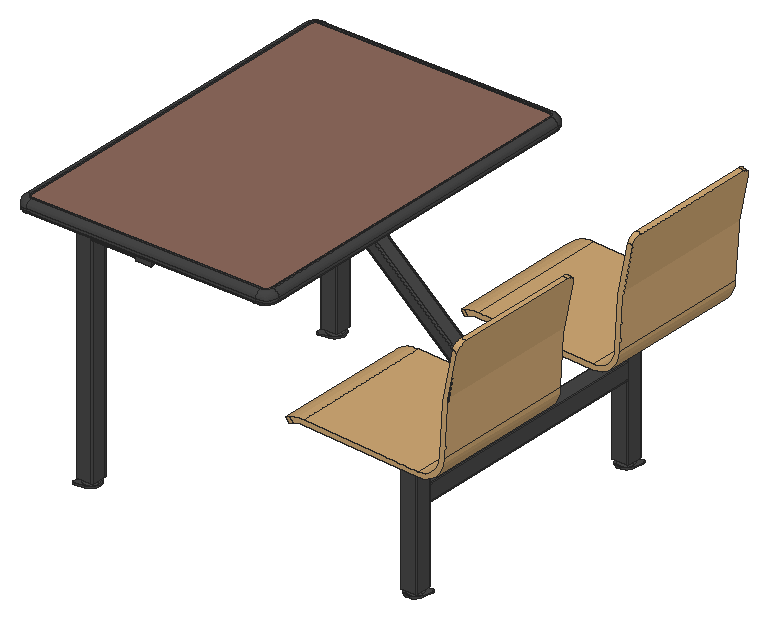
Revit family "Plymold-Essentials-Jupiter-2_Seat_ADA-Legacy", category Furniture, Revit 2021
Family settings
  OmniClass Number = 23.40.20.00
  OmniClass Title = General Furniture and Specialties
  Work Plane-Based = No
  Always vertical = Yes
  Cut with Voids When Loaded = No
  Shared = No
  Room Calculation Point = No
Parameters (values of type "JUWL002DELEADA")
  Width = 47 161/256"
  VE = no
  URL = "https://plymold.com/"
  Type Comments = "Legacy"  # constant formula
  Top Finish = PLY - Wood Mahogany
  TPD = no
  Sustainability = "https://plymold.com/plymolds-sustainability-efforts/"
  Support Finish = PLY - Onyx Black Powdercoat
  Seat Finish = PLY - Plywood
  Revit File Built By = "https://servex-us.com/servex-revit/"
  Product Documentation Link = "https://plymold.com/product/jupiter-2-seat-ada-unit/"
  PVC = no
  Model = "JUWL002DELEADA"
  Manufacturer = "Plymold"  # constant formula
  Keynote = "12500"  # constant formula
  Height = 29 3/4"
  Hardware Finish = PLY - Onyx Black Powdercoat
  Glide Finish = PLY - Plastic Black
  Frame Finish = PLY - Onyx Black Powdercoat
  Edge Finish = PLY - Plastic Black
  Description = "2 Seat ADA Unit - Jupiter® Cluster w/Bullnose Dur-A-Edge® Table Top Unit - 47.63”W x 44”D x 29.75\"H"
  Depth = 44"
  Default Elevation = 0"
  DE = yes
  Cap Finish = PLY - Plastic Black
  Base Finish = PLY - Onyx Black Powdercoat
  Assembly Code = "E2020200"
Reference planes (in)
  plane 1 "Center Front/Back": y = 0
  plane 2: z = 0
  plane 3 "Center Left/Right": x = 0
  plane 4: y = 22
  plane 5: y = -22
  plane 6: x = 47.62891
  plane 7: x = 23.81445
  plane 8: z = 29.75
Dimensions and locks (in)
  equal spacing: plane 3 "Center Left/Right", plane 7, plane 6
  "Width": plane 3 "Center Left/Right" to plane 6
  equal spacing: plane 5, plane 1 "Center Front/Back", plane 4
  "Depth": plane 5 to plane 4
  "Height": plane 8 to plane 2
  aligned and locked: plane 2 to level
  aligned and locked: plane 3 "Center Left/Right" to nested 1
  aligned and locked: plane 1 "Center Front/Back" to nested 1
  aligned and locked: nested 2 to plane 1 "Center Front/Back"
  aligned and locked: nested 2 to plane 3 "Center Left/Right"
  aligned and locked: nested 1 to nested 2
  aligned and locked: nested 3 to nested 1  (x3)
  aligned and locked: nested 1 to nested 4  (x2)
  aligned and locked: nested 4 to nested 1
Nested families (in)
  nested 1: "Base-ADA" at (0, 0, -0.134), Base Finish <- "Base Finish", Glides Finish <- "Glide Finish", Support Finish <- "Support Finish", type "Base-ADA"
    with Support Finish PLY - Onyx Black Powdercoat, Glides Finish PLY - Plastic Black, Base Finish PLY - Onyx Black Powdercoat
  nested 2: "PLM-Cafeteria_Top" at (15, 0, 29.75) x (-1, 0, 0) z (0, 0, 1), DE <- "DE", TPD <- "TPD", VE <- "VE", PVC <- "PVC", Edge Finish <- "Edge Finish", Top Finish <- "Top Finish", type "PLM-Cafeteria_Top"
    with W 30", VE-void 1/8", VE no, Top Finish PLY - Wood Mahogany, TPD-void 1/8", TPD no, PVC-void 1/8", PVC no, Edge Finish PLY - Plastic Black, DE-void 1 3/4", DE yes, D 44"
  nested 3: "Seat_Legacy" at (39.45645, -12.88403, 15.732) x (0, -1, 0) z (0, 0, 1), Hardware Finish <- "Hardware Finish", Seat Finish <- "Seat Finish", type "Seat_Legacy"
    with Seat Finish PLY - Plywood, Hardware Finish PLY - Onyx Black Powdercoat
  nested 4: "Seat_Legacy" at (39.45645, 12.88403, 15.732) x (0, 1, 0) z (0, 0, 1), Hardware Finish <- "Hardware Finish", Seat Finish <- "Seat Finish", type "Seat_Legacy"
    with Seat Finish PLY - Plywood, Hardware Finish PLY - Onyx Black Powdercoat
Definition of nested family "Base-ADA"
  Parameters (values of type "Base-ADA")
    h = 29 3/4"
    Top Thickness = 1 1/4"
    Support Finish [instance] = none
    Revit Model Built By = "https://servex-us.com/servex-revit/"
    Glides Finish [instance] = none
    Default Elevation = 0"
    Base Finish [instance] = none
  Reference planes (in)
    plane 1 "Center (Front/Back)": y = 0
    plane 2: z = 0.134
    plane 3 "Center (Left/Right)": x = 0
    plane 4: y = 22
    plane 5: y = -22
    plane 6: x = 43.07242
    plane 7: z = 29.884
    plane 8: z = 28.634
    plane 9: z = 28.384
    plane 10: z = 26.50776
    plane 11: z = 26.50776
    plane 12: x = 21.53621
    plane 13: y = -12.88403
    plane 14: x = 39.45645
    plane 15: y = 12.88403
    plane 16: x = 39.45645
  Forms (in)
    Extrusion 1, solid, material <- "Support Finish"
      sketch origin (0, 0, 0) x (1, 0, 0) y (0, 0, 1)
        loop
          line (11.289, 28.634) -> (11.289, 28.5) -> (15.28196, 28.5)
          arc (15.28196, 28.5) -> (15.34775, 28.47275) -> (15.375, 28.40696) r 0.09304
          line (15.375, 28.40696) -> (15.375, 26.134) -> (15.509, 26.134) -> (15.509, 28.40927)
          arc (15.509, 28.40927) -> (15.44318, 28.56818) -> (15.28427, 28.634) r 0.22473
          line (15.28427, 28.634) -> (11.289, 28.634)
        loop
          line (25.729, 28.634) -> (21.73373, 28.634)
          arc (21.73373, 28.634) -> (21.57482, 28.56818) -> (21.509, 28.40927) r 0.22473
          line (21.509, 28.40927) -> (21.509, 26.134) -> (21.643, 26.134) -> (21.643, 28.40696)
          arc (21.643, 28.40696) -> (21.67025, 28.47275) -> (21.73604, 28.5) r 0.09304
          line (21.73604, 28.5) -> (25.729, 28.5) -> (25.729, 28.634)
      from -8 to 8
    Extrusion 2, void
      sketch origin (0, 0, 0) x (0, 1, 0) y (0, 0, 1)
        loop
          line (8, 28.634) -> (5.3661, 26.26243)
          arc (5.3661, 26.26243) -> (5.21072, 26.16721) -> (5.03154, 26.134) r 0.5
          line (5.03154, 26.134) -> (8, 26.134) -> (8, 28.634)
        loop
          line (-8, 28.634) -> (-8, 26.134) -> (-5.03154, 26.134)
          arc (-5.03154, 26.134) -> (-5.21072, 26.16721) -> (-5.3661, 26.26243) r 0.5
          line (-5.3661, 26.26243) -> (-8, 28.634)
      from 10.31882 to 26.54147
    Extrusion 3, solid, material <- "Support Finish"
      sketch origin (0, 0, 0) x (0, 1, 0) y (0, 0, 1)
        loop
          line (3.56386, 27.768) -> (2.43621, 27.768)
          arc (2.43621, 27.768) -> (2.30454, 27.71346) -> (2.25, 27.58179) r 0.18621
          line (2.25, 27.58179) -> (2.25, 26.45492)
          arc (2.25, 26.45492) -> (2.30475, 26.32275) -> (2.43692, 26.268) r 0.18692
          line (2.43692, 26.268) -> (3.56124, 26.268)
          arc (3.56124, 26.268) -> (3.69471, 26.32329) -> (3.75, 26.45676) r 0.18876
          line (3.75, 26.45676) -> (3.75, 27.58186)
          arc (3.75, 27.58186) -> (3.69548, 27.71348) -> (3.56386, 27.768) r 0.18614
        loop
          arc (-3.56386, 27.768) -> (-3.69548, 27.71348) -> (-3.75, 27.58186) r 0.18614
          line (-3.75, 27.58186) -> (-3.75, 26.45676)
          arc (-3.75, 26.45676) -> (-3.69471, 26.32329) -> (-3.56124, 26.268) r 0.18876
          line (-3.56124, 26.268) -> (-2.43692, 26.268)
          arc (-2.43692, 26.268) -> (-2.30475, 26.32275) -> (-2.25, 26.45492) r 0.18692
          line (-2.25, 26.45492) -> (-2.25, 27.58179)
          arc (-2.25, 27.58179) -> (-2.30454, 27.71346) -> (-2.43621, 27.768) r 0.18621
          line (-2.43621, 27.768) -> (-3.56386, 27.768)
      from 15.509 to 21.509
    Extrusion 4, solid, material <- "Base Finish"
      sketch origin (0, 0, 0) x (1, 0, 0) y (0, 0, 1)
        loop
          arc (12.55474, 28.5) -> (12.42765, 28.44735) -> (12.375, 28.32026) r 0.17974
          line (12.375, 28.32026) -> (12.375, 26.6875)
          arc (12.375, 26.6875) -> (12.42765, 26.5604) -> (12.55474, 26.50776) r 0.17974
          line (12.55474, 26.50776) -> (14.1875, 26.50776)
          arc (14.1875, 26.50776) -> (14.3146, 26.5604) -> (14.36724, 26.6875) r 0.17974
          line (14.36724, 26.6875) -> (14.36724, 28.32026)
          arc (14.36724, 28.32026) -> (14.3146, 28.44735) -> (14.1875, 28.5) r 0.17974
          line (14.1875, 28.5) -> (12.55474, 28.5)
      from -19.57 to 19.57
    Extrusion 5, solid, material <- "Base Finish"
      sketch origin (0, 0, 0) x (1, 0, 0) y (0, 1, 0)
        loop
          arc (5.0625, 18.96875) -> (4.92992, 18.91383) -> (4.875, 18.78125) r 0.1875
          line (4.875, 18.78125) -> (4.875, 17.15625)
          arc (4.875, 17.15625) -> (4.92992, 17.02367) -> (5.0625, 16.96875) r 0.1875
          line (5.0625, 16.96875) -> (6.6875, 16.96875)
          arc (6.6875, 16.96875) -> (6.82008, 17.02367) -> (6.875, 17.15625) r 0.1875
          line (6.875, 17.15625) -> (6.875, 18.78125)
          arc (6.875, 18.78125) -> (6.82008, 18.91383) -> (6.6875, 18.96875) r 0.1875
          line (6.6875, 18.96875) -> (5.0625, 18.96875)
        loop
          line (5.0625, -18.96875) -> (6.6875, -18.96875)
          arc (6.6875, -18.96875) -> (6.82008, -18.91383) -> (6.875, -18.78125) r 0.1875
          line (6.875, -18.78125) -> (6.875, -17.15625)
          arc (6.875, -17.15625) -> (6.82008, -17.02367) -> (6.6875, -16.96875) r 0.1875
          line (6.6875, -16.96875) -> (5.0625, -16.96875)
          arc (5.0625, -16.96875) -> (4.92992, -17.02367) -> (4.875, -17.15625) r 0.1875
          line (4.875, -17.15625) -> (4.875, -18.78125)
          arc (4.875, -18.78125) -> (4.92992, -18.91383) -> (5.0625, -18.96875) r 0.1875
      from 0.697 to 28.384
    Extrusion 6, solid, material <- "Support Finish"
      sketch origin (0, 0, 0) x (1, 0, 0) y (0, 1, 0)
        loop
          line (4.37544, 15.71875) -> (7.37546, 15.71875)
          arc (7.37546, 15.71875) -> (7.46352, 15.75523) -> (7.5, 15.84329) r 0.12454
          line (7.5, 15.84329) -> (7.5, 18.84375)
          arc (7.5, 18.84375) -> (7.46339, 18.93214) -> (7.375, 18.96875) r 0.125
          line (7.375, 18.96875) -> (4.37617, 18.96875)
          arc (4.37617, 18.96875) -> (4.28696, 18.93179) -> (4.25, 18.84258) r 0.12617
          line (4.25, 18.84258) -> (4.25, 15.84419)
          arc (4.25, 15.84419) -> (4.28674, 15.75549) -> (4.37544, 15.71875) r 0.12544
        loop
          arc (4.37544, -15.71875) -> (4.28674, -15.75549) -> (4.25, -15.84419) r 0.12544
          line (4.25, -15.84419) -> (4.25, -18.84258)
          arc (4.25, -18.84258) -> (4.28696, -18.93179) -> (4.37617, -18.96875) r 0.12617
          line (4.37617, -18.96875) -> (7.375, -18.96875)
          arc (7.375, -18.96875) -> (7.46339, -18.93214) -> (7.5, -18.84375) r 0.125
          line (7.5, -18.84375) -> (7.5, -15.84329)
          arc (7.5, -15.84329) -> (7.46352, -15.75523) -> (7.37546, -15.71875) r 0.12454
          line (7.37546, -15.71875) -> (4.37544, -15.71875)
      from 28.384 to 28.634
    Extrusion 7, solid, material <- "Base Finish"
      sketch origin (0, -0.32674, 0) x (0, 1, 0) y (0, 0, 1)
        loop
          line (18.78306, 28.384) -> (17.15625, 28.384)
          arc (17.15625, 28.384) -> (17.02367, 28.32908) -> (16.96875, 28.1965) r 0.1875
          line (16.96875, 28.1965) -> (16.96875, 26.69532)
          arc (16.96875, 26.69532) -> (17.02369, 26.56269) -> (17.15631, 26.50776) r 0.18756
          line (17.15631, 26.50776) -> (18.78281, 26.50776)
          arc (18.78281, 26.50776) -> (18.91429, 26.56222) -> (18.96875, 26.6937) r 0.18594
          line (18.96875, 26.6937) -> (18.96875, 28.19831)
          arc (18.96875, 28.19831) -> (18.91436, 28.32961) -> (18.78306, 28.384) r 0.18569
        loop
          arc (-18.78306, 28.384) -> (-18.91436, 28.32961) -> (-18.96875, 28.19831) r 0.18569
          line (-18.96875, 28.19831) -> (-18.96875, 26.6937)
          arc (-18.96875, 26.6937) -> (-18.91429, 26.56222) -> (-18.78281, 26.50776) r 0.18594
          line (-18.78281, 26.50776) -> (-17.15631, 26.50776)
          arc (-17.15631, 26.50776) -> (-17.02369, 26.56269) -> (-16.96875, 26.69532) r 0.18756
          line (-16.96875, 26.69532) -> (-16.96875, 28.1965)
          arc (-16.96875, 28.1965) -> (-17.02367, 28.32908) -> (-17.15625, 28.384) r 0.1875
          line (-17.15625, 28.384) -> (-18.78306, 28.384)
      from 6.875 to 12.375
    Blend 8, solid, material <- "Base Finish"
      base sketch origin (0, 0, 0) x (0, 1, 0) y (0, 0, 1)
        loop
          line (0.81286, 11.616) -> (-0.81286, 11.616)
          arc (-0.81286, 11.616) -> (-0.94544, 11.56108) -> (-1.00036, 11.4285) r 0.1875
          line (-1.00036, 11.4285) -> (-1.00036, 9.8035)
          arc (-1.00036, 9.8035) -> (-0.94544, 9.67092) -> (-0.81286, 9.616) r 0.1875
          line (-0.81286, 9.616) -> (0.81214, 9.616)
          arc (0.81214, 9.616) -> (0.94472, 9.67092) -> (0.99964, 9.8035) r 0.1875
          line (0.99964, 9.8035) -> (0.99964, 11.42922)
          arc (0.99964, 11.42922) -> (0.94493, 11.56129) -> (0.81286, 11.616) r 0.18678
      top sketch origin (0, 0, 0) x (0, 1, 0) y (0, 0, 1)
        loop
          line (0.81322, 28.384) -> (-0.8125, 28.384)
          arc (-0.8125, 28.384) -> (-0.94508, 28.32908) -> (-1, 28.1965) r 0.1875
          line (-1, 28.1965) -> (-1, 26.69526)
          arc (-1, 26.69526) -> (-0.94508, 26.56267) -> (-0.8125, 26.50776) r 0.1875
          line (-0.8125, 26.50776) -> (0.8125, 26.50776)
          arc (0.8125, 26.50776) -> (0.94508, 26.56267) -> (1, 26.69526) r 0.1875
          line (1, 26.69526) -> (1, 28.19722)
          arc (1, 28.19722) -> (0.94529, 28.32929) -> (0.81322, 28.384) r 0.18678
      from 41.07242 to 21.643
    Extrusion 9, solid, material <- "Base Finish"
      sketch origin (0, 0, 0) x (1, 0, 0) y (0, 0, 1)
        loop
          arc (41.17398, 11.616) -> (41.10217, 11.58625) -> (41.07242, 11.51444) r 0.10156
          line (41.07242, 11.51444) -> (41.07242, 9.71825)
          arc (41.07242, 9.71825) -> (41.10237, 9.64595) -> (41.17467, 9.616) r 0.10225
          line (41.17467, 9.616) -> (42.97086, 9.616)
          arc (42.97086, 9.616) -> (43.04267, 9.64575) -> (43.07242, 9.71756) r 0.10156
          line (43.07242, 9.71756) -> (43.07242, 11.51444)
          arc (43.07242, 11.51444) -> (43.04267, 11.58625) -> (42.97086, 11.616) r 0.10156
          line (42.97086, 11.616) -> (41.17398, 11.616)
      from -14.5 to 14.5
    Extrusion 10, solid, material <- "Base Finish"
      sketch origin (0, 0, 0) x (1, 0, 0) y (0, 1, 0)
        loop
          arc (41.17467, 16.5) -> (41.10237, 16.47005) -> (41.07242, 16.39775) r 0.10225
          line (41.07242, 16.39775) -> (41.07242, 14.60156)
          arc (41.07242, 14.60156) -> (41.10217, 14.52975) -> (41.17398, 14.5) r 0.10156
          line (41.17398, 14.5) -> (42.97121, 14.5)
          arc (42.97121, 14.5) -> (43.04278, 14.52964) -> (43.07242, 14.60121) r 0.10121
          line (43.07242, 14.60121) -> (43.07242, 16.39844)
          arc (43.07242, 16.39844) -> (43.04267, 16.47025) -> (42.97086, 16.5) r 0.10156
          line (42.97086, 16.5) -> (41.17467, 16.5)
        loop
          line (41.17467, -16.5) -> (42.97086, -16.5)
          arc (42.97086, -16.5) -> (43.04267, -16.47025) -> (43.07242, -16.39844) r 0.10156
          line (43.07242, -16.39844) -> (43.07242, -14.60121)
          arc (43.07242, -14.60121) -> (43.04278, -14.52964) -> (42.97121, -14.5) r 0.10121
          line (42.97121, -14.5) -> (41.17398, -14.5)
          arc (41.17398, -14.5) -> (41.10217, -14.52975) -> (41.07242, -14.60156) r 0.10156
          line (41.07242, -14.60156) -> (41.07242, -16.39775)
          arc (41.07242, -16.39775) -> (41.10237, -16.47005) -> (41.17467, -16.5) r 0.10225
      from 0.697 to 15.616
    Extrusion 11, solid, material <- "Support Finish"
      sketch origin (0, 0, 0) x (1, 0, 0) y (0, 1, 0)
        loop
          line (42.64064, -13.07965) -> (42.16092, -13.00949)
          arc (42.16092, -13.00949) -> (41.95193, -12.94364) -> (41.77427, -12.81536) r 0.6875
          line (41.77427, -12.81536) -> (41.63002, -12.67111)
          arc (41.63002, -12.67111) -> (41.45523, -12.37428) -> (41.44637, -12.02992) r 0.6875
          arc (41.44637, -12.02992) -> (41.44153, -11.84209) -> (41.34619, -11.68018) r 0.375
          line (41.34619, -11.68018) -> (41.00325, -11.33724)
          arc (41.00325, -11.33724) -> (40.88159, -11.25595) -> (40.73808, -11.2274) r 0.375
          line (40.73808, -11.2274) -> (38.17482, -11.2274)
          arc (38.17482, -11.2274) -> (37.90966, -11.33724) -> (37.79982, -11.6024) r 0.375
          line (37.79982, -11.6024) -> (37.79982, -14.16566)
          arc (37.79982, -14.16566) -> (37.82837, -14.30917) -> (37.90966, -14.43083) r 0.375
          line (37.90966, -14.43083) -> (38.2526, -14.77378)
          arc (38.2526, -14.77378) -> (38.41451, -14.86911) -> (38.60234, -14.87395) r 0.375
          arc (38.60234, -14.87395) -> (38.9467, -14.88281) -> (39.24353, -15.0576) r 0.6875
          line (39.24353, -15.0576) -> (39.38778, -15.20185)
          arc (39.38778, -15.20185) -> (39.51606, -15.37951) -> (39.58191, -15.5885) r 0.6875
          line (39.58191, -15.5885) -> (39.65207, -16.06822)
          arc (39.65207, -16.06822) -> (39.68799, -16.18222) -> (39.75795, -16.27913) r 0.375
          line (39.75795, -16.27913) -> (40.11999, -16.64117)
          arc (40.11999, -16.64117) -> (40.24165, -16.72245) -> (40.38516, -16.751) r 0.375
          line (40.38516, -16.751) -> (42.94842, -16.751)
          arc (42.94842, -16.751) -> (43.21358, -16.64117) -> (43.32342, -16.376) r 0.375
          line (43.32342, -16.376) -> (43.32342, -13.81274)
          arc (43.32342, -13.81274) -> (43.29487, -13.66923) -> (43.21358, -13.54757) r 0.375
          line (43.21358, -13.54757) -> (42.85155, -13.18553)
          arc (42.85155, -13.18553) -> (42.75464, -13.11557) -> (42.64064, -13.07965) r 0.375
        loop
          line (39.65207, 16.06822) -> (39.58191, 15.5885)
          arc (39.58191, 15.5885) -> (39.51606, 15.37951) -> (39.38778, 15.20185) r 0.6875
          line (39.38778, 15.20185) -> (39.24353, 15.0576)
          arc (39.24353, 15.0576) -> (38.9467, 14.88281) -> (38.60234, 14.87395) r 0.6875
          arc (38.60234, 14.87395) -> (38.41451, 14.86911) -> (38.2526, 14.77378) r 0.375
          line (38.2526, 14.77378) -> (37.90966, 14.43083)
          arc (37.90966, 14.43083) -> (37.82837, 14.30917) -> (37.79982, 14.16566) r 0.375
          line (37.79982, 14.16566) -> (37.79982, 11.6024)
          arc (37.79982, 11.6024) -> (37.90966, 11.33724) -> (38.17482, 11.2274) r 0.375
          line (38.17482, 11.2274) -> (40.73808, 11.2274)
          arc (40.73808, 11.2274) -> (40.88159, 11.25595) -> (41.00325, 11.33724) r 0.375
          line (41.00325, 11.33724) -> (41.34619, 11.68018)
          arc (41.34619, 11.68018) -> (41.44153, 11.84209) -> (41.44637, 12.02992) r 0.375
          arc (41.44637, 12.02992) -> (41.45523, 12.37428) -> (41.63002, 12.67111) r 0.6875
          line (41.63002, 12.67111) -> (41.77427, 12.81536)
          arc (41.77427, 12.81536) -> (41.95193, 12.94364) -> (42.16092, 13.00949) r 0.6875
          line (42.16092, 13.00949) -> (42.64064, 13.07965)
          arc (42.64064, 13.07965) -> (42.75464, 13.11557) -> (42.85155, 13.18553) r 0.375
          line (42.85155, 13.18553) -> (43.21358, 13.54757)
          arc (43.21358, 13.54757) -> (43.29487, 13.66923) -> (43.32342, 13.81274) r 0.375
          line (43.32342, 13.81274) -> (43.32342, 16.376)
          arc (43.32342, 16.376) -> (43.21358, 16.64117) -> (42.94842, 16.751) r 0.375
          line (42.94842, 16.751) -> (40.38516, 16.751)
          arc (40.38516, 16.751) -> (40.24165, 16.72245) -> (40.11999, 16.64117) r 0.375
          line (40.11999, 16.64117) -> (39.75795, 16.27913)
          arc (39.75795, 16.27913) -> (39.68799, 16.18222) -> (39.65207, 16.06822) r 0.375
      from 15.616 to 15.866
    Extrusion 12, solid, material <- "Support Finish"
      sketch origin (0, 0, 0) x (1, 0, 0) y (0, 0, 1)
        loop
          line (24.22475, 26.1559) -> (24.22475, 28.14826) -> (23.87301, 28.5) -> (21.50859, 28.5) -> (24.22475, 26.1559)
      from -0.75 to -0.623
    Revolve 13, solid, material <- "Glides Finish"
      sketch origin (25.375, 17.96875, 0.134) x (-1, 0, 0) y (0, 0, -1)
        loop
          line (19.3125, -0.5) -> (19.3125, -0.563) -> (19.5, -0.563) -> (19.5, -0.15) -> (18.6197, -0.15)
          arc (18.6197, -0.15) -> (18.9189, -0.25836) -> (19.12595, -0.5) r 0.62492
          line (19.12595, -0.5) -> (19.3125, -0.5)
        axis (19.5, -0.563) -> (19.5, -0.15)
      angle from 0 to 360
    Extrusion 14, solid, material <- "Glides Finish"
      sketch origin (29.37397, 37.47299, 16.009) x (0.00018, -1, 0) y (1, 0.00018, 0)
        loop
          line (19.32723, -24.61457) -> (20.4222, -24.78417)
          arc (20.4222, -24.78417) -> (20.69281, -24.69573) -> (20.78125, -24.42512) r 0.3146
          line (20.78125, -24.42512) -> (20.61165, -23.33015)
          arc (20.61165, -23.33015) -> (18.70369, -22.70661) -> (19.32723, -24.61457) r 1.12543
      from -15.875 to -15.725
    Revolve 15, solid, material <- "Glides Finish"
      sketch origin (25.375, -17.96875, 0.134) x (-1, 0, 0) y (0, 0, 1)
        loop
          line (19.3125, 0.5) -> (19.12595, 0.5)
          arc (19.12595, 0.5) -> (18.9189, 0.25836) -> (18.6197, 0.15) r 0.62492
          line (18.6197, 0.15) -> (19.5, 0.15) -> (19.5, 0.563) -> (19.3125, 0.563) -> (19.3125, 0.5)
        axis (19.5, 0.563) -> (19.5, 0.15)
      angle from 0 to 360
    Extrusion 16, solid, material <- "Glides Finish"
      sketch origin (25.37924, 5.53022, 16.009) x (-1, 0.00018, 0) y (-0.00018, -1, 0)
        loop
          arc (19.32723, 24.61457) -> (18.70369, 22.70661) -> (20.61165, 23.33015) r 1.12543
          line (20.61165, 23.33015) -> (20.78125, 24.42512)
          arc (20.78125, 24.42512) -> (20.69281, 24.69573) -> (20.4222, 24.78417) r 0.3146
          line (20.4222, 24.78417) -> (19.32723, 24.61457)
      from -15.875 to -15.725
    Revolve 17, solid, material <- "Glides Finish"
      sketch origin (61.57242, -15.49966, 0.134) x (-1, 0, 0) y (0, 0, 1)
        loop
          line (19.3125, 0.5) -> (19.12595, 0.5)
          arc (19.12595, 0.5) -> (18.9189, 0.25836) -> (18.6197, 0.15) r 0.62492
          line (18.6197, 0.15) -> (19.5, 0.15) -> (19.5, 0.563) -> (19.3125, 0.563) -> (19.3125, 0.5)
        axis (19.5, 0.563) -> (19.5, 0.15)
      angle from 0 to 360
    Extrusion 18, solid, material <- "Glides Finish"
      sketch origin (22.56818, -38.99863, 16.009) x (1, -0.00018, 0) y (0.00018, 1, 0)
        loop
          arc (19.32723, 24.61457) -> (18.70369, 22.70661) -> (20.61165, 23.33015) r 1.12543
          line (20.61165, 23.33015) -> (20.78125, 24.42512)
          arc (20.78125, 24.42512) -> (20.69281, 24.69573) -> (20.4222, 24.78417) r 0.3146
          line (20.4222, 24.78417) -> (19.32723, 24.61457)
      from -15.875 to -15.725
    Revolve 19, solid, material <- "Glides Finish"
      sketch origin (61.57242, 15.49966, 0.134) x (-1, 0, 0) y (0, 0, 1)
        loop
          line (19.3125, 0.5) -> (19.12595, 0.5)
          arc (19.12595, 0.5) -> (18.9189, 0.25836) -> (18.6197, 0.15) r 0.62492
          line (18.6197, 0.15) -> (19.5, 0.15) -> (19.5, 0.563) -> (19.3125, 0.563) -> (19.3125, 0.5)
        axis (19.5, 0.563) -> (19.5, 0.15)
      angle from 0 to 360
    Extrusion 20, solid, material <- "Glides Finish"
      sketch origin (22.56818, -7.99932, 16.009) x (1, -0.00018, 0) y (0.00018, 1, 0)
        loop
          arc (19.32723, 24.61457) -> (18.70369, 22.70661) -> (20.61165, 23.33015) r 1.12543
          line (20.61165, 23.33015) -> (20.78125, 24.42512)
          arc (20.78125, 24.42512) -> (20.69281, 24.69573) -> (20.4222, 24.78417) r 0.3146
          line (20.4222, 24.78417) -> (19.32723, 24.61457)
      from -15.875 to -15.725
  Cuts and joins
    Extrusion 2 cuts Extrusion 1
  Lines and regions (in)
    symbolic lines, detail levels medium+fine
      curve 1: line (6.875, 16.64201, 0) -> (12.375, 16.64201, 0)
      curve 2: line (6.875, 18.64201, 0) -> (12.375, 18.64201, 0)
      curve 3: line (6.875, 16.64201, 0) -> (6.875, 18.64201, 0)
      curve 4: line (14.36724, -19.57, 0) -> (12.375, -19.57, 0)
      curve 5: line (14.36724, 19.57, 0) -> (14.36724, -19.57, 0)
      curve 6: line (12.375, 19.57, 0) -> (14.36724, 19.57, 0)
      curve 7: line (12.375, -19.57, 0) -> (12.375, 19.57, 0)
      curve 8: line (6.875, -19.29549, 0) -> (6.875, -17.29549, 0)
      curve 9: line (6.875, -17.29549, 0) -> (12.375, -17.29549, 0)
      curve 10: line (6.875, -19.29549, 0) -> (12.375, -19.29549, 0)
      curve 11: line (41.07242, -16.5, 0) -> (43.07242, -16.5, 0)
      curve 12: line (41.07242, 16.5, 0) -> (41.07242, -16.5, 0)
      curve 13: line (43.07242, 16.5, 0) -> (41.07242, 16.5, 0)
      curve 14: line (43.07242, -16.5, 0) -> (43.07242, 16.5, 0)
      curve 15: line (7.37546, -15.71875, 0) -> (4.37544, -15.71875, 0)
      curve 16: arc (4.37544, -15.71875, 0) -> (4.28674, -15.75549, 0) -> (4.25, -15.84419, 0) r 0.12544
      curve 17: line (4.25, -15.84419, 0) -> (4.25, -18.84258, 0)
      curve 18: arc (4.25, -18.84258, 0) -> (4.28696, -18.93179, 0) -> (4.37617, -18.96875, 0) r 0.12617
      curve 19: line (4.37617, -18.96875, 0) -> (7.375, -18.96875, 0)
      curve 20: arc (7.375, -18.96875, 0) -> (7.46339, -18.93214, 0) -> (7.5, -18.84375, 0) r 0.125
      curve 21: line (7.5, -18.84375, 0) -> (7.5, -15.84329, 0)
      curve 22: arc (7.5, -15.84329, 0) -> (7.46352, -15.75523, 0) -> (7.37546, -15.71875, 0) r 0.12454
      curve 23: line (7.375, 18.96875, 0) -> (4.37617, 18.96875, 0)
      curve 24: arc (4.37617, 18.96875, 0) -> (4.28696, 18.93179, 0) -> (4.25, 18.84258, 0) r 0.12617
      curve 25: line (4.25, 18.84258, 0) -> (4.25, 15.84419, 0)
      curve 26: arc (4.25, 15.84419, 0) -> (4.28674, 15.75549, 0) -> (4.37544, 15.71875, 0) r 0.12544
      curve 27: line (4.37544, 15.71875, 0) -> (7.37546, 15.71875, 0)
      curve 28: arc (7.37546, 15.71875, 0) -> (7.46352, 15.75523, 0) -> (7.5, 15.84329, 0) r 0.12454
      curve 29: line (7.5, 15.84329, 0) -> (7.5, 18.84375, 0)
      curve 30: arc (7.5, 18.84375, 0) -> (7.46339, 18.93214, 0) -> (7.375, 18.96875, 0) r 0.125
      curve 31: line (40.11999, 16.64117, 0) -> (39.75795, 16.27913, 0)
      curve 32: arc (39.75795, 16.27913, 0) -> (39.68799, 16.18222, 0) -> (39.65207, 16.06822, 0) r 0.375
      curve 33: line (39.65207, 16.06822, 0) -> (39.58191, 15.5885, 0)
      curve 34: arc (39.58191, 15.5885, 0) -> (39.51606, 15.37951, 0) -> (39.38778, 15.20185, 0) r 0.6875
      curve 35: line (39.38778, 15.20185, 0) -> (39.24353, 15.0576, 0)
      curve 36: arc (39.24353, 15.0576, 0) -> (38.9467, 14.88281, 0) -> (38.60234, 14.87395, 0) r 0.6875
      curve 37: arc (38.60234, 14.87395, 0) -> (38.41451, 14.86911, 0) -> (38.2526, 14.77378, 0) r 0.375
      curve 38: line (38.2526, 14.77378, 0) -> (37.90966, 14.43083, 0)
      curve 39: arc (37.90966, 14.43083, 0) -> (37.82837, 14.30917, 0) -> (37.79982, 14.16566, 0) r 0.375
      curve 40: line (37.79982, 14.16566, 0) -> (37.79982, 11.6024, 0)
      curve 41: arc (37.79982, 11.6024, 0) -> (37.90966, 11.33724, 0) -> (38.17482, 11.2274, 0) r 0.375
      curve 42: line (38.17482, 11.2274, 0) -> (40.73808, 11.2274, 0)
      curve 43: arc (40.73808, 11.2274, 0) -> (40.88159, 11.25595, 0) -> (41.00325, 11.33724, 0) r 0.375
      curve 44: line (41.00325, 11.33724, 0) -> (41.34619, 11.68018, 0)
      curve 45: arc (41.34619, 11.68018, 0) -> (41.44153, 11.84209, 0) -> (41.44637, 12.02992, 0) r 0.375
      curve 46: arc (41.44637, 12.02992, 0) -> (41.45523, 12.37428, 0) -> (41.63002, 12.67111, 0) r 0.6875
      curve 47: line (41.63002, 12.67111, 0) -> (41.77427, 12.81536, 0)
      curve 48: arc (41.77427, 12.81536, 0) -> (41.95193, 12.94364, 0) -> (42.16092, 13.00949, 0) r 0.6875
      curve 49: line (42.16092, 13.00949, 0) -> (42.64064, 13.07965, 0)
      curve 50: arc (42.64064, 13.07965, 0) -> (42.75464, 13.11557, 0) -> (42.85155, 13.18553, 0) r 0.375
      curve 51: line (42.85155, 13.18553, 0) -> (43.21358, 13.54757, 0)
      curve 52: arc (43.21358, 13.54757, 0) -> (43.29487, 13.66923, 0) -> (43.32342, 13.81274, 0) r 0.375
      curve 53: line (43.32342, 13.81274, 0) -> (43.32342, 16.376, 0)
      curve 54: arc (43.32342, 16.376, 0) -> (43.21358, 16.64117, 0) -> (42.94842, 16.751, 0) r 0.375
      curve 55: line (42.94842, 16.751, 0) -> (40.38516, 16.751, 0)
      curve 56: arc (40.38516, 16.751, 0) -> (40.24165, 16.72245, 0) -> (40.11999, 16.64117, 0) r 0.375
      curve 57: line (40.73808, -11.2274, 0) -> (38.17482, -11.2274, 0)
      curve 58: arc (38.17482, -11.2274, 0) -> (37.90966, -11.33724, 0) -> (37.79982, -11.6024, 0) r 0.375
      curve 59: line (37.79982, -11.6024, 0) -> (37.79982, -14.16566, 0)
      curve 60: arc (37.79982, -14.16566, 0) -> (37.82837, -14.30917, 0) -> (37.90966, -14.43083, 0) r 0.375
      curve 61: line (37.90966, -14.43083, 0) -> (38.2526, -14.77378, 0)
      curve 62: arc (38.2526, -14.77378, 0) -> (38.41451, -14.86911, 0) -> (38.60234, -14.87395, 0) r 0.375
      curve 63: arc (38.60234, -14.87395, 0) -> (38.9467, -14.88281, 0) -> (39.24353, -15.0576, 0) r 0.6875
      curve 64: line (39.24353, -15.0576, 0) -> (39.38778, -15.20185, 0)
      curve 65: arc (39.38778, -15.20185, 0) -> (39.51606, -15.37951, 0) -> (39.58191, -15.5885, 0) r 0.6875
      curve 66: line (39.58191, -15.5885, 0) -> (39.65207, -16.06822, 0)
      curve 67: arc (39.65207, -16.06822, 0) -> (39.68799, -16.18222, 0) -> (39.75795, -16.27913, 0) r 0.375
      curve 68: line (39.75795, -16.27913, 0) -> (40.11999, -16.64117, 0)
      curve 69: arc (40.11999, -16.64117, 0) -> (40.24165, -16.72245, 0) -> (40.38516, -16.751, 0) r 0.375
      curve 70: line (40.38516, -16.751, 0) -> (42.94842, -16.751, 0)
      curve 71: arc (42.94842, -16.751, 0) -> (43.21358, -16.64117, 0) -> (43.32342, -16.376, 0) r 0.375
      curve 72: line (43.32342, -16.376, 0) -> (43.32342, -13.81274, 0)
      curve 73: arc (43.32342, -13.81274, 0) -> (43.29487, -13.66923, 0) -> (43.21358, -13.54757, 0) r 0.375
      curve 74: line (43.21358, -13.54757, 0) -> (42.85155, -13.18553, 0)
      curve 75: arc (42.85155, -13.18553, 0) -> (42.75464, -13.11557, 0) -> (42.64064, -13.07965, 0) r 0.375
      curve 76: line (42.64064, -13.07965, 0) -> (42.16092, -13.00949, 0)
      curve 77: arc (42.16092, -13.00949, 0) -> (41.95193, -12.94364, 0) -> (41.77427, -12.81536, 0) r 0.6875
      curve 78: line (41.77427, -12.81536, 0) -> (41.63002, -12.67111, 0)
      curve 79: arc (41.63002, -12.67111, 0) -> (41.45523, -12.37428, 0) -> (41.44637, -12.02992, 0) r 0.6875
      curve 80: arc (41.44637, -12.02992, 0) -> (41.44153, -11.84209, 0) -> (41.34619, -11.68018, 0) r 0.375
      curve 81: line (41.34619, -11.68018, 0) -> (41.00325, -11.33724, 0)
      curve 82: arc (41.00325, -11.33724, 0) -> (40.88159, -11.25595, 0) -> (40.73808, -11.2274, 0) r 0.375
      curve 83: line (41.07242, 0.99964, 0) -> (14.36724, 0.99964, 0)
      curve 84: line (14.36724, -1, 0) -> (41.07242, -1, 0)
  Dimensions and locks (in)
    "Top Thickness": plane 7 to plane 8
    "h": plane 7 to plane 2
    Extrusion 3 sketch curve to Extrusion 3 sketch curve to plane 1 "Center (Front/Back)" to Extrusion 3 sketch curve to Extrusion 3 sketch curve = 1.12765" locked, 2.43621" locked, 2.43621" locked, 1.12765" locked
    Extrusion 3 sketch curve to Extrusion 3 sketch curve to plane 1 "Center (Front/Back)" to Extrusion 3 sketch curve to Extrusion 3 sketch curve = 1.12432" locked, 2.43692" locked, 2.43692" locked, 1.12432" locked
    Extrusion 3 sketch curve to Extrusion 3 sketch curve to plane 2 = 1.12511", 26.32276"
    Extrusion 3 sketch curve to Extrusion 3 sketch curve to plane 2 = 1.12686" locked, 26.32092" locked  (x2)
    Extrusion 3 sketch curve to Extrusion 3 sketch curve to plane 2 = 1.12511" locked, 26.32276" locked
    locked: plane 8 to plane 9 at 0.25
    equal spacing: plane 3 "Center (Left/Right)", plane 12, plane 6
    plane 3 "Center (Left/Right)" to plane 6 = 43.07242"
    equal spacing: plane 5, plane 1 "Center (Front/Back)", plane 4
    plane 5 to plane 4 = 44"
    aligned and locked: Extrusion 3 to cut or joined group of Extrusion 1, Extrusion 2  (x2)
    aligned and locked: plane 8 to Extrusion 6
    aligned and locked: Extrusion 6 to plane 9
  Automatic sketch dimensions
    Extrusion 1 sketch curve to plane 8 = 0"  (x2)
    plane 9 to Extrusion 1 sketch curve = 0.116"
    Extrusion 1 sketch curve to Extrusion 1 sketch curve = 3.99296"  (x2)
    Extrusion 1 sketch curve to Extrusion 1 sketch curve = 0.0023"  (x2)
    plane 9 to Extrusion 1 sketch curve = 0.02296"  (x2)
    Extrusion 1 sketch curve to Extrusion 1 sketch curve = 0.134"  (x2)
    Extrusion 1 sketch curve to plane 9 = 2 1/4"  (x2)
    Extrusion 1 sketch curve to Extrusion 1 sketch curve = 6"
    Extrusion 1 sketch curve to Extrusion 1 sketch curve = 0.09073"
    Extrusion 2 sketch curve to plane 8 = 0"  (x2)
    Extrusion 2 sketch curve to plane 9 = 2.12157"  (x2)
    Extrusion 2 sketch curve to Extrusion 2 sketch curve = 2.6339"  (x2)
    Extrusion 2 sketch curve to Extrusion 2 sketch curve = 0.33457"  (x2)
    Extrusion 2 sketch curve to plane 9 = 2 1/4"
    Extrusion 2 sketch curve to plane 1 "Center (Front/Back)" = 5.03154"
    Extrusion 2 sketch curve to plane 8 = 2 1/2"
    Extrusion 3 sketch curve to Extrusion 3 sketch curve = 0.18614"
    Extrusion 3 sketch curve to Extrusion 3 sketch curve = 0.18621"
    Extrusion 4 sketch curve to plane 9 = 0.06374"  (x2)
    Extrusion 4 sketch curve to Extrusion 4 sketch curve = 0.17974"  (x3)
    Extrusion 4 sketch curve to Extrusion 4 sketch curve = 1.63276"  (x2)
    Extrusion 5 sketch curve to Extrusion 5 sketch curve = 3/16"  (x6)
    Extrusion 5 sketch curve to plane 5 = 3 1/32"
    Extrusion 5 sketch curve to Extrusion 5 sketch curve = 1 5/8"  (x6)
    Extrusion 6 sketch curve to Extrusion 6 sketch curve = 0.12544"  (x2)
    Extrusion 6 sketch curve to Extrusion 6 sketch curve = 0.12617"  (x2)
    Extrusion 6 sketch curve to Extrusion 6 sketch curve = 1/8"
    Extrusion 6 sketch curve to Extrusion 6 sketch curve = 0.12454"  (x2)
    Extrusion 6 sketch curve to Extrusion 6 sketch curve = 2.99838"  (x2)
    Extrusion 7 sketch curve to plane 9 = 0"  (x2)
    plane 10 to Extrusion 7 sketch curve = 0"  (x2)
    Extrusion 7 sketch curve to plane 10 = 0.18594"  (x2)
    Extrusion 7 sketch curve to plane 5 = 2.70451"
    Extrusion 7 sketch curve to plane 9 = 0.18569"
    Extrusion 7 sketch curve to plane 10 = 0.18756"
    Extrusion 7 sketch curve to Extrusion 7 sketch curve = 1.6265"  (x2)
    Extrusion 7 sketch curve to plane 9 = 3/16"  (x2)
    Extrusion 7 sketch curve to Extrusion 7 sketch curve = 0.18756"
    Extrusion 7 sketch curve to Extrusion 7 sketch curve = 0.18569"
    plane 1 "Center (Front/Back)" to Blend 8 sketch curve = 1.00036"
    Blend 8 sketch curve to Blend 8 sketch curve = 3/16"  (x2)
    Blend 8 sketch curve to plane 1 "Center (Front/Back)" = 0.81214"
    Blend 8 sketch curve to plane 1 "Center (Front/Back)" = 0.81286"
    Blend 8 sketch curve to Blend 8 sketch curve = 0.18678"
    level to Blend 8 sketch curve = 9.616"
    Blend 8 sketch curve to Blend 8 sketch curve = 1 5/8"
    plane 11 to Blend 8 sketch curve = 0"
    Blend 8 sketch curve to plane 9 = 0"
    Blend 8 sketch curve to plane 11 = 3/16"
    plane 1 "Center (Front/Back)" to Blend 8 sketch curve = 1"
    Blend 8 sketch curve to plane 9 = 3/16"
    Blend 8 sketch curve to plane 1 "Center (Front/Back)" = 13/16"
    Blend 8 sketch curve to plane 9 = 0.18678"
    Blend 8 sketch curve to plane 1 "Center (Front/Back)" = 0.81322"
    plane 6 to Extrusion 9 sketch curve = 0"
    Extrusion 9 sketch curve to Extrusion 9 sketch curve = 13/128"  (x2)
    plane 6 to Extrusion 9 sketch curve = 13/128"
    Extrusion 9 sketch curve to Extrusion 9 sketch curve = 0.10225"
    level to Extrusion 9 sketch curve = 9.616"
    Extrusion 9 sketch curve to Extrusion 9 sketch curve = 1 51/64"
    Extrusion 10 sketch curve to plane 6 = 0"  (x2)
    Extrusion 10 sketch curve to Extrusion 10 sketch curve = 0.10121"
    plane 6 to Extrusion 10 sketch curve = 0.10121"
    plane 6 to Extrusion 10 sketch curve = 13/128"  (x2)
    Extrusion 10 sketch curve to Extrusion 10 sketch curve = 13/128"  (x2)
    Extrusion 10 sketch curve to Extrusion 10 sketch curve = 0.10225"
    Extrusion 11 sketch curve to Extrusion 11 sketch curve = 0.10983"  (x3)
    Extrusion 11 sketch curve to Extrusion 11 sketch curve = 3/8"  (x5)
    Extrusion 11 sketch curve to Extrusion 11 sketch curve = 0.26517"  (x15)
    Extrusion 11 sketch curve to Extrusion 11 sketch curve = 0.34295"  (x8)
    Extrusion 11 sketch curve to Extrusion 11 sketch curve = 0.50479"  (x3)
    Extrusion 11 sketch curve to Extrusion 11 sketch curve = 0.14425"  (x14)
    Extrusion 11 sketch curve to Extrusion 11 sketch curve = 0.48614"  (x4)
    Extrusion 11 sketch curve to Extrusion 11 sketch curve = 0.19413"  (x3)
    Extrusion 11 sketch curve to Extrusion 11 sketch curve = 0.07015"  (x4)
    Extrusion 11 sketch curve to Extrusion 11 sketch curve = 0.10589"  (x3)
    Extrusion 11 sketch curve to Extrusion 11 sketch curve = 0.37105"
    Extrusion 11 sketch curve to Extrusion 11 sketch curve = 0.36204"  (x4)
    plane 6 to Extrusion 11 sketch curve = 0.48604"  (x2)
    Extrusion 11 sketch curve to Extrusion 11 sketch curve = 0.05426"  (x4)
    plane 6 to Extrusion 11 sketch curve = 0.22087"  (x2)
    plane 6 to Extrusion 11 sketch curve = 0.124"  (x4)
    Extrusion 11 sketch curve to plane 6 = 0.14117"  (x2)
    Extrusion 11 sketch curve to plane 6 = 0.251"  (x2)
    Extrusion 11 sketch curve to Extrusion 11 sketch curve = 0.72577"
    Extrusion 11 sketch curve to Extrusion 11 sketch curve = 0.34974"
    Extrusion 11 sketch curve to Extrusion 11 sketch curve = 2.56326"  (x5)
    Extrusion 11 sketch curve to Extrusion 11 sketch curve = 2.93826"
    Extrusion 11 sketch curve to Extrusion 11 sketch curve = 0.64119"
    plane 9 to Extrusion 12 sketch curve = 0.116"
    Extrusion 12 sketch curve to Extrusion 12 sketch curve = 2.36442"
    Extrusion 12 sketch curve to plane 9 = 0.23574"
    Extrusion 12 sketch curve to Extrusion 12 sketch curve = 0.35174"
    Extrusion 12 sketch curve to Extrusion 12 sketch curve = 1.99237"
    Revolve 13 sketch curve to Revolve 13 sketch curve = 0.18655"
    level to Revolve 13 sketch curve = 0.284"
    Revolve 13 sketch curve to Revolve 13 sketch curve = 0.50625"
    Revolve 13 sketch curve to Revolve 13 sketch curve = 0.05617"
    Revolve 13 sketch curve to Revolve 13 sketch curve = 0.35"
    Revolve 13 sketch curve to Revolve 13 sketch curve = 0.063"
    Revolve 13 sketch curve to Revolve 13 sketch curve = 1.39667"
    Revolve 13 sketch curve to level = 1.06852"
    Extrusion 14 sketch curve to Extrusion 14 sketch curve = 0.17226"
    Extrusion 14 sketch curve to Extrusion 14 sketch curve = 1.09497"
    Extrusion 14 sketch curve to Extrusion 14 sketch curve = 0.04815"
    Extrusion 14 sketch curve to Extrusion 14 sketch curve = 1.11217"
    Extrusion 14 sketch curve to Extrusion 14 sketch curve = 0.31089"
    Extrusion 14 sketch curve to Extrusion 14 sketch curve = 0.16959"
    Revolve 15 sketch curve to Revolve 15 sketch curve = 0.18655"
    level to Revolve 15 sketch curve = 0.284"
    Revolve 15 sketch curve to Revolve 15 sketch curve = 0.50625"
    Revolve 15 sketch curve to Revolve 15 sketch curve = 0.05617"
    Revolve 15 sketch curve to Revolve 15 sketch curve = 0.35"
    Revolve 15 sketch curve to Revolve 15 sketch curve = 0.063"
    Revolve 15 sketch curve to level = 1.06852"
    Revolve 15 sketch curve to Revolve 15 sketch curve = 1.39667"
    Extrusion 16 sketch curve to plane 5 = 2.91913"
    Extrusion 16 sketch curve to Extrusion 16 sketch curve = 0.17226"
    Extrusion 16 sketch curve to Extrusion 16 sketch curve = 1.09497"
    Extrusion 16 sketch curve to Extrusion 16 sketch curve = 0.04815"
    Extrusion 16 sketch curve to Extrusion 16 sketch curve = 1.11217"
    Extrusion 16 sketch curve to Extrusion 16 sketch curve = 0.31089"
    Extrusion 16 sketch curve to Extrusion 16 sketch curve = 0.1413"
    Revolve 17 sketch curve to Revolve 17 sketch curve = 0.18655"
    plane 6 to Revolve 17 sketch curve = 0.1197"
    plane 6 to Revolve 17 sketch curve = 0.06352"
    level to Revolve 17 sketch curve = 0.284"
    Revolve 17 sketch curve to Revolve 17 sketch curve = 0.35"
    Revolve 17 sketch curve to Revolve 17 sketch curve = 0.063"
    Revolve 17 sketch curve to level = 1.06852"
    Revolve 17 sketch curve to Revolve 17 sketch curve = 1.39667"
    Extrusion 18 sketch curve to Extrusion 18 sketch curve = 0.17226"
    Extrusion 18 sketch curve to Extrusion 18 sketch curve = 1.09497"
    Extrusion 18 sketch curve to Extrusion 18 sketch curve = 0.04815"
    Extrusion 18 sketch curve to Extrusion 18 sketch curve = 1.11217"
    Extrusion 18 sketch curve to Extrusion 18 sketch curve = 0.31089"
    Extrusion 18 sketch curve to Extrusion 18 sketch curve = 0.1413"
    Revolve 19 sketch curve to Revolve 19 sketch curve = 0.18655"
    plane 6 to Revolve 19 sketch curve = 0.1197"
    plane 6 to Revolve 19 sketch curve = 0.06352"
    level to Revolve 19 sketch curve = 0.284"
    Revolve 19 sketch curve to Revolve 19 sketch curve = 0.35"
    Revolve 19 sketch curve to Revolve 19 sketch curve = 0.063"
    Revolve 19 sketch curve to level = 1.06852"
    Revolve 19 sketch curve to Revolve 19 sketch curve = 1.39667"
    Extrusion 20 sketch curve to Extrusion 20 sketch curve = 0.17226"
    Extrusion 20 sketch curve to Extrusion 20 sketch curve = 1.09497"
    Extrusion 20 sketch curve to Extrusion 20 sketch curve = 0.04815"
    Extrusion 20 sketch curve to Extrusion 20 sketch curve = 1.11217"
    Extrusion 20 sketch curve to Extrusion 20 sketch curve = 0.31089"
    Extrusion 20 sketch curve to Extrusion 20 sketch curve = 0.1413"
    Extrusion 11 sketch curve to Extrusion 11 sketch curve = 0.54899"  (x2)
    Extrusion 11 sketch curve to Extrusion 11 sketch curve = 0.38666"  (x4)
    Extrusion 11 sketch curve to Extrusion 11 sketch curve = 0.42546"  (x2)
    Extrusion 5 sketch curve to plane 4 = 5 1/32"
    Extrusion 6 sketch curve to plane 4 = 6 9/32"
    Extrusion 7 sketch curve to plane 4 = 5.35799"
    Extrusion 10 sketch curve to plane 4 = 7 1/2"
    Extrusion 10 sketch curve to Extrusion 10 sketch curve = 1.79619"  (x4)
    Extrusion 11 sketch curve to plane 4 = 10.7726"
    Extrusion 14 sketch curve to plane 4 = 3.85868"
    Extrusion 20 sketch curve to plane 4 = 5.38823"
    plane 1 "Center (Front/Back)" to Extrusion 2 sketch curve = 5.03154"
    Extrusion 6 sketch curve to plane 5 = 6 9/32"
    Extrusion 10 sketch curve to plane 5 = 7 1/2"
    Extrusion 11 sketch curve to plane 5 = 10.7726"
    Extrusion 18 sketch curve to plane 5 = 7.61246"
    plane 3 "Center (Left/Right)" to Extrusion 1 sketch curve = 11.289"
    plane 3 "Center (Left/Right)" to Extrusion 4 sketch curve = 12 3/8"
    plane 3 "Center (Left/Right)" to Extrusion 5 sketch curve = 4 7/8"  (x2)
    plane 3 "Center (Left/Right)" to Extrusion 6 sketch curve = 4 1/4"  (x2)
    Extrusion 6 sketch curve to Extrusion 6 sketch curve = 2.99883"  (x2)
    Extrusion 6 sketch curve to Extrusion 6 sketch curve = 3"
    plane 3 "Center (Left/Right)" to Revolve 13 sketch curve = 6.81148"
    Revolve 13 sketch curve to Revolve 13 sketch curve = 3/16"
    Revolve 13 sketch curve to Revolve 13 sketch curve = 0"
    plane 3 "Center (Left/Right)" to Extrusion 14 sketch curve = 4.76288"
    plane 3 "Center (Left/Right)" to Revolve 15 sketch curve = 6.81148"
    Revolve 15 sketch curve to Revolve 15 sketch curve = 3/16"
    Revolve 15 sketch curve to Revolve 15 sketch curve = 0"
    plane 3 "Center (Left/Right)" to Extrusion 16 sketch curve = 6.04757"
    Extrusion 9 sketch curve to Extrusion 9 sketch curve = 1.79618"
    Extrusion 10 sketch curve to Extrusion 10 sketch curve = 1.79723"
    plane 6 to Extrusion 11 sketch curve = 0.81201"  (x2)
    Extrusion 11 sketch curve to Extrusion 11 sketch curve = 0.47972"  (x2)
    Extrusion 11 sketch curve to Extrusion 11 sketch curve = 0.76996"  (x2)
    plane 3 "Center (Left/Right)" to Extrusion 12 sketch curve = 21.50859"
    Revolve 17 sketch curve to Revolve 17 sketch curve = 0.50625"
    Revolve 17 sketch curve to Revolve 17 sketch curve = 3/16"
    plane 6 to Revolve 17 sketch curve = 1"
    plane 6 to Extrusion 18 sketch curve = 1.17257"
    Revolve 19 sketch curve to Revolve 19 sketch curve = 0.50625"
    Revolve 19 sketch curve to Revolve 19 sketch curve = 3/16"
    plane 6 to Revolve 19 sketch curve = 1"
    plane 6 to Extrusion 20 sketch curve = 1.17257"
    curve 11 to plane 6 = 0"
    plane 6 to curve 73 = 0.124"
    plane 6 to curve 54 = 0.124"
    plane 6 to curve 52 = 0.124"
    plane 6 to curve 70 = 0.124"
    plane 6 to curve 74 = 0.22087"
    plane 6 to curve 51 = 0.22087"
    curve 76 to curve 75 = 0.2109"
    curve 49 to curve 51 = 0.2109"
    curve 75 to curve 74 = 0.26517"
    curve 50 to curve 51 = 0.26517"
    plane 6 to curve 48 = 0.81201"
    plane 6 to curve 77 = 0.81201"
    curve 76 to curve 75 = 0.47972"
    curve 49 to curve 49 = 0.47972"
    curve 46 to curve 48 = 0.14425"  (x2)
    curve 79 to curve 77 = 0.14425"
    curve 78 to curve 77 = 0.38666"
    curve 47 to curve 48 = 0.38666"
    curve 47 to curve 47 = 0.14425"  (x2)
    curve 78 to curve 77 = 0.14425"
    curve 81 to curve 79 = 0.76996"
    curve 44 to curve 46 = 0.76996"
    curve 45 to curve 44 = 0.26517"
    curve 80 to curve 80 = 0.26517"  (x2)
    curve 13 to curve 54 = 1.876"
    curve 44 to curve 44 = 0.34295"  (x2)
    curve 81 to curve 81 = 0.34295"
    curve 57 to curve 81 = 0.26517"
    curve 43 to curve 44 = 0.26517"
    curve 55 to curve 12 = 0.68726"
    curve 70 to curve 11 = 0.68726"
    curve 68 to curve 69 = 0.26517"
    curve 31 to curve 55 = 0.26517"
    curve 67 to curve 69 = 0.36204"
    curve 32 to curve 56 = 0.36204"  (x2)
    curve 31 to curve 32 = 0.26517"
    curve 68 to curve 67 = 0.26517"
    curve 33 to curve 31 = 0.10589"
    curve 66 to curve 67 = 0.10589"
    curve 33 to curve 33 = 0.07015"
    curve 66 to curve 66 = 0.07015"
    curve 64 to curve 65 = 0.19413"
    curve 35 to curve 34 = 0.19413"
    curve 35 to curve 34 = 0.14425"
    curve 64 to curve 65 = 0.14425"
    curve 65 to curve 64 = 0.48614"
    curve 34 to curve 35 = 0.48614"
    curve 63 to curve 65 = 0.14425"
    curve 36 to curve 34 = 0.14425"
    curve 37 to curve 35 = 0.72577"
    curve 62 to curve 63 = 0.72577"
    curve 61 to curve 62 = 0.26517"  (x2)
    curve 38 to curve 37 = 0.26517"
    curve 41 to curve 43 = 2.56326"
    curve 39 to curve 37 = 0.34295"  (x2)
    curve 58 to curve 82 = 2.56326"
    curve 60 to curve 62 = 0.34295"
    curve 61 to curve 60 = 0.26517"
    curve 38 to curve 39 = 0.26517"
    curve 59 to curve 58 = 3/8"
    curve 40 to curve 38 = 0.10983"
    curve 5 to plane 4 = 2.43"
    curve 5 to plane 12 = 7.16897"
    curve 4 to curve 4 = 1.99224"
    curve 29 to curve 1 = 4 7/8"
    curve 21 to curve 9 = 4 7/8"
    curve 22 to curve 21 = 0.12454"
    curve 27 to curve 29 = 0.12454"
    curve 23 to curve 29 = 1/8"
    curve 19 to curve 20 = 1/8"
    curve 10 to curve 20 = 1/2"
    curve 2 to curve 30 = 1/2"
    curve 24 to curve 2 = 2.49883"
    curve 19 to curve 8 = 2.49883"
    curve 15 to curve 8 = 2.49956"
    curve 26 to curve 1 = 2.49956"
    curve 17 to curve 16 = 0.12544"
    curve 25 to curve 26 = 0.12544"
    curve 74 to plane 6 = 0.14117"
    curve 51 to plane 6 = 0.14117"
    curve 53 to plane 6 = 0.251"
    curve 72 to plane 6 = 0.251"
    curve 81 to curve 82 = 0.10983"
    curve 81 to curve 82 = 0.34295"
    curve 79 to curve 80 = 0.50479"
    curve 77 to curve 79 = 0.14425"
    curve 78 to curve 80 = 0.64119"
    curve 78 to curve 78 = 0.14425"
    curve 76 to curve 76 = 0.07015"
    curve 74 to curve 76 = 0.10589"
    curve 74 to curve 74 = 0.36204"
    curve 60 to curve 58 = 2.56326"
    curve 62 to curve 60 = 0.34295"
    curve 64 to curve 62 = 0.54899"
    curve 64 to curve 64 = 0.14425"
    curve 63 to curve 64 = 0.48614"
    curve 66 to curve 64 = 0.38666"
    curve 15 to plane 5 = 6 9/32"
    curve 67 to curve 66 = 0.42546"
    curve 66 to curve 67 = 0.05426"
    curve 72 to curve 72 = 2.56326"
    curve 69 to curve 69 = 3/8"
    curve 12 to curve 69 = 0.124"
    curve 9 to curve 22 = 1.4522"
    curve 18 to curve 8 = 1.54709"
    curve 10 to curve 20 = 0.32674"
    curve 7 to curve 10 = 0.27451"
    curve 83 to curve 42 = 10.22776"
    curve 42 to curve 44 = 0.10983"
    curve 44 to curve 45 = 0.26517"
    curve 45 to curve 46 = 0.50479"
    curve 45 to curve 47 = 0.64119"
    curve 49 to curve 49 = 0.07015"
    curve 50 to curve 51 = 0.10589"
    curve 50 to curve 51 = 0.36204"
    curve 41 to curve 39 = 2.56326"
    curve 37 to curve 38 = 0.26517"
    curve 37 to curve 35 = 0.54899"
    curve 36 to curve 35 = 0.14425"
    curve 35 to curve 36 = 0.48614"
    curve 35 to curve 33 = 0.38666"
    curve 27 to plane 4 = 6 9/32"
    curve 33 to curve 32 = 0.42546"
    curve 32 to curve 33 = 0.05426"
    curve 56 to curve 54 = 0"
    curve 54 to curve 13 = 0.124"
    curve 28 to curve 3 = 0.79872"
    curve 1 to curve 3 = 2"
    curve 2 to curve 25 = 0.20056"
    curve 83 to plane 1 "Center (Front/Back)" = 0.99964"
    curve 70 to plane 5 = 5.249"
    plane 1 "Center (Front/Back)" to curve 84 = 1"
Definition of nested family "PLM-Cafeteria_Top"
  Parameters (values of type "PLM-Cafeteria_Top")
    W [instance] = 80"
    VE-void [instance] = if(VE, 1 3/4", 1/8")  # 1/8"
    VE [instance] = no
    Top Finish [instance] = none
    TPD-void [instance] = if(TPD, 1 3/4", 1/8")  # 1/8"
    TPD [instance] = no
    Revit Model Built By = "https://servex-us.com/servex-revit/"
    PVC-void [instance] = if(PVC, 1 3/4", 1/8")  # 1/8"
    PVC [instance] = no
    DE-void [instance] = if(DE, 1 3/4", 1/8")  # 1 3/4"
    DE [instance] = yes
    Edge Finish [instance] = none
    Default Elevation = 0"
    D [instance] = 30"
  Reference planes (in)
    plane 1 "Center (Front/Back)": y = 0
    plane 2: z = 0
    plane 3 "Center (Left/Right)": x = 0
    plane 4: x = -40
    plane 5: x = 40
    plane 6: y = 15
    plane 7: y = -15
    plane 8: z = -1.25
    plane 9: z = -1.5
  Forms (in)
    Extrusion 1, solid, material <- "Top Finish"
      sketch origin (0, 0, 0) x (1, 0, 0) y (0, 1, 0)
        loop
          line (-40, 15) -> (-40, -15) -> (40, -15) -> (40, 15) -> (-40, 15)
      from -1.25 to 0
    Sweep 2, solid, material <- "Edge Finish", visible <- "VE"
      path origin (0, 0, 0) x (1, 0, 0) y (0, 1, 0)
        loop
          arc (-36.75, 15) -> (-39.0481, 14.0481) -> (-40, 11.75) r 3.25
          line (-40, 11.75) -> (-40, -11.75)
          arc (-40, -11.75) -> (-39.0481, -14.0481) -> (-36.75, -15) r 3.25
          line (-36.75, -15) -> (36.75, -15)
          arc (36.75, -15) -> (39.0481, -14.0481) -> (40, -11.75) r 3.25
          line (40, -11.75) -> (40, 11.75)
          arc (40, 11.75) -> (39.0481, 14.0481) -> (36.75, 15) r 3.25
          line (36.75, 15) -> (-36.75, 15)
      profile origin (0, 15, 0) x (0, 1, 0) y (0, 0, 1)
        loop
          line (-0.25, 0) -> (-0.25, -1.25)
          arc (-0.25, -1.25) -> (0, -0.625) -> (-0.25, 0) r 0.90625
    Sweep 3, solid, material <- "Edge Finish", visible <- "TPD"
      path origin (0, 0, 0) x (1, 0, 0) y (0, 1, 0)
        loop
          arc (-39.5625, 15) -> (-39.87186, 14.87186) -> (-40, 14.5625) r 0.4375
          line (-40, 14.5625) -> (-40, -14.5625)
          arc (-40, -14.5625) -> (-39.87186, -14.87186) -> (-39.5625, -15) r 0.4375
          line (-39.5625, -15) -> (39.5625, -15)
          arc (39.5625, -15) -> (39.87186, -14.87186) -> (40, -14.5625) r 0.4375
          line (40, -14.5625) -> (40, 14.5625)
          arc (40, 14.5625) -> (39.87186, 14.87186) -> (39.5625, 15) r 0.4375
          line (39.5625, 15) -> (-39.5625, 15)
      profile origin (0, 15, 0) x (0, 1, 0) y (0, 0, 1)
        loop
          line (-0.1875, 0) -> (-0.1875, -1.25)
          arc (-0.1875, -1.25) -> (-0.05539, -1.19996) -> (0, -1.07) r 0.18015
          line (0, -1.07) -> (0, -0.18)
          arc (0, -0.18) -> (-0.05539, -0.05004) -> (-0.1875, 0) r 0.18015
    Extrusion 4, void
      sketch origin (0, 25.31884, -1.5) x (0, 1, 0) y (-1, 0, 0)
        loop
          line (-10.75634, 39.8125) -> (-39.88134, 39.8125)
          arc (-39.88134, 39.8125) -> (-40.05812, 39.73928) -> (-40.13134, 39.5625) r 0.25
          line (-40.13134, 39.5625) -> (-40.13134, -39.5625)
          arc (-40.13134, -39.5625) -> (-40.05812, -39.73928) -> (-39.88134, -39.8125) r 0.25
          line (-39.88134, -39.8125) -> (-10.75634, -39.8125)
          arc (-10.75634, -39.8125) -> (-10.57957, -39.73928) -> (-10.50634, -39.5625) r 0.25
          line (-10.50634, -39.5625) -> (-10.50634, 39.5625)
          arc (-10.50634, 39.5625) -> (-10.57957, 39.73928) -> (-10.75634, 39.8125) r 0.25
        loop
          line (-10.19384, 40.3125) -> (-40.63134, 40.3125) -> (-40.63134, -40.3125) -> (-10.19384, -40.3125) -> (-10.19384, 40.3125)
      from 0 to 0.125 <- "TPD-void"
    Extrusion 5, void
      sketch origin (0, 25.31884, -1.5) x (0, 1, 0) y (-1, 0, 0)
        loop
          line (-13.56884, 39.75) -> (-37.06884, 39.75)
          arc (-37.06884, 39.75) -> (-39.19016, 38.87132) -> (-40.06884, 36.75) r 3
          line (-40.06884, 36.75) -> (-40.06884, -36.75)
          arc (-40.06884, -36.75) -> (-39.19016, -38.87132) -> (-37.06884, -39.75) r 3
          line (-37.06884, -39.75) -> (-13.56884, -39.75)
          arc (-13.56884, -39.75) -> (-11.44752, -38.87132) -> (-10.56884, -36.75) r 3
          line (-10.56884, -36.75) -> (-10.56884, 36.75)
          arc (-10.56884, 36.75) -> (-11.44752, 38.87132) -> (-13.56884, 39.75) r 3
        loop
          line (-9.81884, 40.5) -> (-40.81884, 40.5) -> (-40.81884, -40.5) -> (-9.81884, -40.5) -> (-9.81884, 40.5)
      from 0 to 0.125 <- "VE-void"
    Sweep 6, solid, material <- "Edge Finish", visible <- "DE"
      path origin (0, 25.31884, -1.5) x (0, 1, 0) y (-1, 0, 0)
        loop
          arc (-10.31884, 38.5) -> (-10.75818, 39.56066) -> (-11.81884, 40) r 1.5
          line (-11.81884, 40) -> (-38.81884, 40)
          arc (-38.81884, 40) -> (-39.8795, 39.56066) -> (-40.31884, 38.5) r 1.5
          line (-40.31884, 38.5) -> (-40.31884, -38.5)
          arc (-40.31884, -38.5) -> (-39.8795, -39.56066) -> (-38.81884, -40) r 1.5
          line (-38.81884, -40) -> (-11.81884, -40)
          arc (-11.81884, -40) -> (-10.75818, -39.56066) -> (-10.31884, -38.5) r 1.5
          line (-10.31884, -38.5) -> (-10.31884, 38.5)
      profile origin (0, 15, -1.5) x (0, 1, 0) y (0, 0, 1)
        loop
          arc (0, 0.75) -> (-0.21967, 1.28033) -> (-0.75, 1.5) r 0.75
          line (-0.75, 1.5) -> (-0.94, 1.5) -> (-0.94, 0.25) -> (-0.25, 0.25)
          arc (-0.25, 0.25) -> (-0.07322, 0.32322) -> (0, 0.5) r 0.25
          line (0, 0.5) -> (0, 0.75)
    Extrusion 7, void
      sketch origin (0, 25.31884, -1.5) x (0, 1, 0) y (-1, 0, 0)
        loop
          line (-9.81884, 40.5) -> (-40.81884, 40.5) -> (-40.81884, -40.5) -> (-9.81884, -40.5) -> (-9.81884, 40.5)
        loop
          line (-11.81884, 39.06) -> (-38.81884, 39.06)
          arc (-38.81884, 39.06) -> (-39.21482, 38.89598) -> (-39.37884, 38.5) r 0.56
          line (-39.37884, 38.5) -> (-39.37884, -38.5)
          arc (-39.37884, -38.5) -> (-39.21482, -38.89598) -> (-38.81884, -39.06) r 0.56
          line (-38.81884, -39.06) -> (-11.81884, -39.06)
          arc (-11.81884, -39.06) -> (-11.42286, -38.89598) -> (-11.25884, -38.5) r 0.56
          line (-11.25884, -38.5) -> (-11.25884, 38.5)
          arc (-11.25884, 38.5) -> (-11.42286, 38.89598) -> (-11.81884, 39.06) r 0.56
      from 0 to 1.75 <- "DE-void"
    Sweep 8, solid, material <- "Edge Finish", visible <- "PVC"
      path origin (130, 0, 0) x (1, 0, 0) y (0, 1, 0)
        loop
          arc (-169.5625, 15) -> (-169.87186, 14.87186) -> (-170, 14.5625) r 0.4375
          line (-170, 14.5625) -> (-170, -14.5625)
          arc (-170, -14.5625) -> (-169.87186, -14.87186) -> (-169.5625, -15) r 0.4375
          line (-169.5625, -15) -> (-90.4375, -15)
          arc (-90.4375, -15) -> (-90.12814, -14.87186) -> (-90, -14.5625) r 0.4375
          line (-90, -14.5625) -> (-90, 14.5625)
          arc (-90, 14.5625) -> (-90.12814, 14.87186) -> (-90.4375, 15) r 0.4375
          line (-90.4375, 15) -> (-169.5625, 15)
